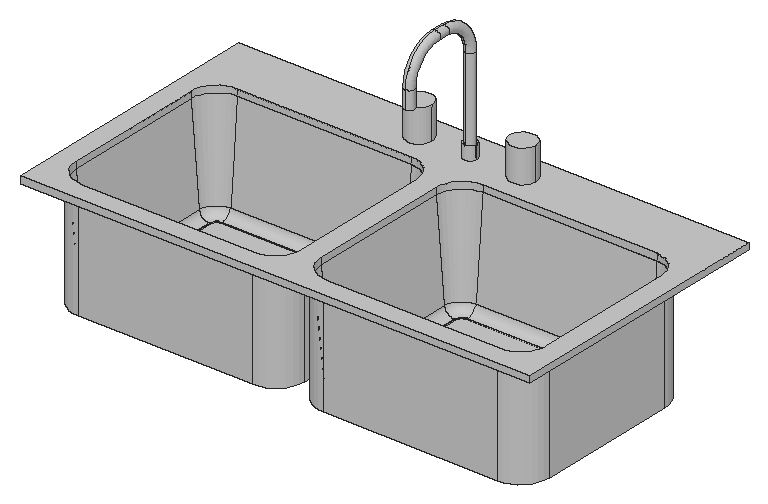
Revit family "PFX_A3-AU-Kitchen-Sink-Dbl", category Plumbing Fixtures, Revit 2016
Family settings
  Part Type = Normal
  Round Connector Dimension = Use Diameter
  Work Plane-Based = No
  Always vertical = Yes
  Cut with Voids When Loaded = No
  Shared = No
  Room Calculation Point = No
Parameters (values of type "Kitchen Sink 1000 x 535mm")
  Counter Height = 900.00 mm
  Depth = 535.00 mm
  Fixture = Metal - Steel, Polished
  Sink = Metal - Steel, Polished
  Width = 1000.00 mm
Reference planes
  plane 1 "Center (Front/Back)": y = -35.755
  plane 2: z = 0
  plane 3 "Center (Left/Right)": x = 15.689
  plane 4: y = 269.845
  plane 5: y = -265.155
  plane 6: x = -484.311
  plane 7: x = 515.689
  plane 8 "Top Of Counter": z = 900
  plane 9: z = 912.7
  plane 10: z = 684.1
  plane 11: y = 155.545
  plane 12: x = -446.211
  plane 13: y = -227.055
  plane 14: x = 477.589
  plane 15: x = -85.911
  plane 16: x = 117.289
  plane 17: y = 212.695
  plane 18: y = 212.695
  plane 19: y = 212.695
  plane 20: z = 1163.525
  plane 21: y = 63.47
  plane 22: z = 976.2
  plane 23: z = 938.1
  plane 24: x = -3.361
  plane 25: x = 34.739
  plane 26: x = -215.261
  plane 27: x = 246.639
Forms (mm)
  Extrusion 1, solid, material "Metal - Steel, Polished" <- "Sink"
    sketch origin (0, 0, 0) x (1, 0, 0) y (0, 1, 0)
      loop
        line (-484.311, 269.845) -> (-484.311, -265.155) -> (515.689, -265.155) -> (515.689, 269.845) -> (-484.311, 269.845)
      loop
        arc (-395.411, 155.545) -> (-431.332, 140.666) -> (-446.211, 104.745) r 50.8
        line (-446.211, 104.745) -> (-446.211, -176.255)
        arc (-446.211, -176.255) -> (-431.332, -212.176) -> (-395.411, -227.055) r 50.8
        line (-395.411, -227.055) -> (-54.161, -227.055)
        arc (-54.161, -227.055) -> (-18.24, -212.176) -> (-3.361, -176.255) r 50.8
        line (-3.361, -176.255) -> (-3.361, 104.745)
        arc (-3.361, 104.745) -> (-18.24, 140.666) -> (-54.161, 155.545) r 50.8
        line (-54.161, 155.545) -> (-395.411, 155.545)
      loop
        arc (426.789, -227.055) -> (462.71, -212.176) -> (477.589, -176.255) r 50.8
        line (477.589, -176.255) -> (477.589, 104.745)
        arc (477.589, 104.745) -> (462.71, 140.666) -> (426.789, 155.545) r 50.8
        line (426.789, 155.545) -> (85.539, 155.545)
        arc (85.539, 155.545) -> (49.618, 140.666) -> (34.739, 104.745) r 50.8
        line (34.739, 104.745) -> (34.739, -176.255)
        arc (34.739, -176.255) -> (49.618, -212.176) -> (85.539, -227.055) r 50.8
        line (85.539, -227.055) -> (426.789, -227.055)
    from 900 to 912.7
  Sweep 2, solid, material "Metal - Steel, Polished" <- "Sink"
    path origin (0, 0, 0) x (1, 0, 0) y (0, 1, 0)
      loop
        arc (-395.411, 155.545) -> (-431.332, 140.666) -> (-446.211, 104.745) r 50.8
        line (-446.211, 104.745) -> (-446.211, -176.255)
        arc (-446.211, -176.255) -> (-431.332, -212.176) -> (-395.411, -227.055) r 50.8
        line (-395.411, -227.055) -> (-54.161, -227.055)
        arc (-54.161, -227.055) -> (-18.24, -212.176) -> (-3.361, -176.255) r 50.8
        line (-3.361, -176.255) -> (-3.361, 104.745)
        arc (-3.361, 104.745) -> (-18.24, 140.666) -> (-54.161, 155.545) r 50.8
        line (-54.161, 155.545) -> (-395.411, 155.545)
    profile origin (-224.786, 0, 0) x (0, 1, 0) y (0, 0, 1)
      loop
        line (155.545, 900) -> (139.011, 711.015)
        arc (139.011, 711.015) -> (132.904, 698.63) -> (120.034, 693.625) r 19.05
        line (120.034, 693.625) -> (117.445, 693.625) -> (117.445, 684.1) -> (161.895, 684.1) -> (161.895, 900) -> (155.545, 900)
  Extrusion 3, solid, material "Metal - Steel, Polished" <- "Sink"
    sketch origin (0, 0, 0) x (1, 0, 0) y (0, 1, 0)
      loop
        arc (-395.411, 117.445) -> (-404.391, 113.726) -> (-408.111, 104.745) r 12.7
        line (-408.111, 104.745) -> (-408.111, -176.255)
        arc (-408.111, -176.255) -> (-404.391, -185.235) -> (-395.411, -188.955) r 12.7
        line (-395.411, -188.955) -> (-54.161, -188.955)
        arc (-54.161, -188.955) -> (-45.181, -185.235) -> (-41.461, -176.255) r 12.7
        line (-41.461, -176.255) -> (-41.461, 104.745)
        arc (-41.461, 104.745) -> (-45.181, 113.726) -> (-54.161, 117.445) r 12.7
        line (-54.161, 117.445) -> (-395.411, 117.445)
      loop
        circle (-215.261, -35.755) r 25.4
    from 684.1 to 693.625
  Extrusion 4, solid, material "Metal - Steel, Polished" <- "Fixture"
    sketch origin (0, 0, 0) x (1, 0, 0) y (0, 1, 0)
      loop
        circle (117.289, 214.813) r 25.4
      loop
        circle (-85.911, 214.813) r 25.4
    from 912.7 to 976.2
  Sweep 5, solid, material "Metal - Steel, Polished" <- "Fixture"
    path origin (15.689, 0, 0) x (0, 1, 0) y (0, 0, 1)
      loop
        line (212.695, 912.7) -> (212.695, 1100.025)
        arc (212.695, 1100.025) -> (194.097, 1144.926) -> (149.195, 1163.525) r 63.5
        line (149.195, 1163.525) -> (126.97, 1163.525)
        arc (126.97, 1163.525) -> (82.069, 1144.926) -> (63.47, 1100.025) r 63.5
        line (63.47, 1100.025) -> (63.47, 1065.1)
    profile origin (15.689, 0, 1006.363) x (0, -1, 0) y (1, 0, 0)
      loop
        circle (-212.695, 0) r 9.525
  Extrusion 6, solid, material "Metal - Steel, Polished" <- "Fixture"
    sketch origin (0, 0, 0) x (1, 0, 0) y (0, 1, 0)
      loop
        circle (15.689, 212.695) r 12.7
    from 912.7 to 938.1
  Sweep 7, solid, material "Metal - Steel, Polished" <- "Sink"
    path origin (31.378, 0, 0) x (-1, 0, 0) y (0, -1, 0)
      loop
        line (-395.411, -155.545) -> (-54.161, -155.545)
        arc (-54.161, -155.545) -> (-18.24, -140.666) -> (-3.361, -104.745) r 50.8
        line (-3.361, -104.745) -> (-3.361, 176.255)
        arc (-3.361, 176.255) -> (-18.24, 212.176) -> (-54.161, 227.055) r 50.8
        line (-54.161, 227.055) -> (-395.411, 227.055)
        arc (-395.411, 227.055) -> (-431.332, 212.176) -> (-446.211, 176.255) r 50.8
        line (-446.211, 176.255) -> (-446.211, -104.745)
        arc (-446.211, -104.745) -> (-431.332, -140.666) -> (-395.411, -155.545) r 50.8
    profile origin (256.164, 0, 0) x (0, -1, 0) y (0, 0, 1)
      loop
        line (-155.545, 900) -> (-161.895, 900) -> (-161.895, 684.1) -> (-117.445, 684.1) -> (-117.445, 693.625) -> (-120.034, 693.625)
        arc (-120.034, 693.625) -> (-132.904, 698.63) -> (-139.011, 711.015) r 19.05
        line (-139.011, 711.015) -> (-155.545, 900)
  Extrusion 8, solid, material "Metal - Steel, Polished" <- "Sink"
    sketch origin (0, 0, 0) x (1, 0, 0) y (0, 1, 0)
      loop
        arc (85.539, 120.034) -> (76.559, 116.314) -> (72.839, 107.334) r 12.7
        line (72.839, 107.334) -> (72.839, -176.255)
        arc (72.839, -176.255) -> (76.559, -185.235) -> (85.539, -188.955) r 12.7
        line (85.539, -188.955) -> (426.789, -188.955)
        arc (426.789, -188.955) -> (435.769, -185.235) -> (439.489, -176.255) r 12.7
        line (439.489, -176.255) -> (439.489, 107.334)
        arc (439.489, 107.334) -> (435.769, 116.314) -> (426.789, 120.034) r 12.7
        line (426.789, 120.034) -> (85.539, 120.034)
      loop
        circle (246.639, -35.755) r 25.4
    from 684.1 to 693.625
Lines and regions (mm)
  symbolic lines
    curve 1: line (515.689, 269.845, 0) -> (-484.311, 269.845, 0)
    curve 2: line (515.689, -265.155, 0) -> (515.689, 269.845, 0)
    curve 3: line (-484.311, -265.155, 0) -> (515.689, -265.155, 0)
    curve 4: line (-484.311, 269.845, 0) -> (-484.311, -265.155, 0)
    curve 5: line (-446.211, 104.745, 0) -> (-446.211, -176.255, 0)
    curve 6: line (-395.411, -227.055, 0) -> (-54.161, -227.055, 0)
    curve 7: line (477.589, -176.255, 0) -> (477.589, 104.745, 0)
    curve 8: line (426.789, 155.545, 0) -> (85.539, 155.545, 0)
    curve 9: arc (477.589, 104.745, 0) -> (462.71, 140.666, 0) -> (426.789, 155.545, 0) r 50.8
    curve 10: arc (426.789, -227.055, 0) -> (462.71, -212.176, 0) -> (477.589, -176.255, 0) r 50.8
    curve 11: arc (-446.211, -176.255, 0) -> (-431.332, -212.176, 0) -> (-395.411, -227.055, 0) r 50.8
    curve 12: arc (-395.411, 155.545, 0) -> (-431.332, 140.666, 0) -> (-446.211, 104.745, 0) r 50.8
    curve 13: arc (142.689, 214.813, 0) -> (117.289, 240.213, 0) -> (91.889, 214.813, 0) r 25.4
    curve 14: arc (91.889, 214.813, 0) -> (117.289, 189.413, 0) -> (142.689, 214.813, 0) r 25.4
    curve 15: arc (28.389, 212.695, 0) -> (15.689, 225.395, 0) -> (2.989, 212.695, 0) r 12.7
    curve 16: line (2.989, 212.695, 0) -> (2.989, 15.045, 0)
    curve 17: line (28.389, 212.695, 0) -> (28.389, 15.045, 0)
    curve 18: arc (28.389, 15.045, 0) -> (15.689, 2.345, 0) -> (2.989, 15.045, 0) r 12.7
    curve 19: line (-3.361, 104.745, 0) -> (-3.361, -176.255, 0)
    curve 20: line (34.739, 104.745, 0) -> (34.739, -176.255, 0)
    curve 21: line (85.539, -227.055, 0) -> (426.789, -227.055, 0)
    curve 22: line (-54.161, 155.545, 0) -> (-395.411, 155.545, 0)
    curve 23: arc (85.539, 155.545, 0) -> (49.618, 140.666, 0) -> (34.739, 104.745, 0) r 50.8
    curve 24: arc (34.739, -176.255, 0) -> (49.618, -212.176, 0) -> (85.539, -227.055, 0) r 50.8
    curve 25: arc (-3.361, -176.255, 0) -> (-18.24, -212.176, 0) -> (-54.161, -227.055, 0) r 50.8
    curve 26: arc (-3.361, 104.745, 0) -> (-18.24, 140.666, 0) -> (-54.161, 155.545, 0) r 50.8
    curve 27: arc (-240.661, -35.755, 0) -> (-215.261, -10.355, 0) -> (-189.861, -35.755, 0) r 25.4
    curve 28: arc (-189.861, -35.755, 0) -> (-215.261, -61.155, 0) -> (-240.661, -35.755, 0) r 25.4
    curve 29: arc (221.239, -35.755, 0) -> (246.639, -10.355, 0) -> (272.039, -35.755, 0) r 25.4
    curve 30: arc (272.039, -35.755, 0) -> (246.639, -61.155, 0) -> (221.239, -35.755, 0) r 25.4
    curve 31: arc (-111.311, 214.813, 0) -> (-85.911, 240.213, 0) -> (-60.511, 214.813, 0) r 25.4
    curve 32: arc (-60.511, 214.813, 0) -> (-85.911, 189.413, 0) -> (-111.311, 214.813, 0) r 25.4
Dimensions and locks
  equal spacing: plane 6, plane 3 "Center (Left/Right)", plane 7
  "Width": plane 6 to plane 7
  "Depth": plane 5 to plane 4
  "Counter Height": plane 8 "Top Of Counter" to plane 2
  locked: plane 9 to plane 8 "Top Of Counter" at 12.7
  locked: plane 8 "Top Of Counter" to plane 10 at 215.9
  locked: plane 6 to plane 12 at 38.1
  locked: plane 14 to plane 7 at 38.1
  locked: plane 11 to plane 4 at 114.3
  locked: plane 5 to plane 13 at 38.1
  equal spacing: plane 11, plane 17, plane 4
  equal spacing: plane 11, plane 18, plane 4
  equal spacing: plane 4, plane 19, plane 11
  locked: plane 19 to plane 21 at 149.225
  locked: plane 20 to plane 9 at 250.825
  locked: plane 22 to plane 9 at 63.5
  locked: plane 23 to plane 9 at 25.4
  plane 24 to plane 3 "Center (Left/Right)" to plane 25 = 19.05 mm locked, 19.05 mm locked
  equal spacing: plane 12, plane 26, plane 3 "Center (Left/Right)"
  equal spacing: plane 3 "Center (Left/Right)", plane 27, plane 14
  equal spacing: plane 13, plane 1 "Center (Front/Back)", plane 11
  aligned and locked: Extrusion 1 sketch curve to plane 5
  aligned and locked: plane 7 to Extrusion 1 sketch curve
  aligned and locked: plane 4 to Extrusion 1 sketch curve
  aligned and locked: Extrusion 1 sketch curve to plane 6
  aligned and locked: plane 8 "Top Of Counter" to Extrusion 1
  aligned and locked: Extrusion 1 to plane 9
  aligned and locked: plane 11 to Extrusion 1 sketch curve
  aligned and locked: plane 14 to Extrusion 1 sketch curve
  aligned and locked: Extrusion 1 sketch curve to plane 12
  aligned and locked: Extrusion 1 sketch curve to plane 13
  aligned and locked: plane 11 to Sweep 2 sketch curve
  aligned and locked: Sweep 2 sketch curve to plane 12
  aligned and locked: Sweep 2 sketch curve to plane 13
  aligned and locked: Sweep 2 to Extrusion 3 sketch curve  (x4)
  aligned and locked: Sweep 2 to Extrusion 3
  aligned and locked: plane 10 to Extrusion 3
  aligned and locked: Sweep 2 sketch curve to plane 10
  aligned and locked: plane 8 "Top Of Counter" to Sweep 2 sketch curve
  aligned and locked: Extrusion 4 to Extrusion 1
  aligned and locked: Extrusion 6 to Extrusion 1
  aligned and locked: Sweep 5 sketch curve to plane 19
  aligned and locked: plane 20 to Sweep 5 sketch curve
  aligned and locked: plane 21 to Sweep 5 sketch curve
  aligned and locked: Extrusion 4 to plane 22
  aligned and locked: Extrusion 6 to plane 23
  aligned and locked: Sweep 2 sketch curve to Extrusion 1
  aligned and locked: Sweep 7 sketch curve to plane 14
  aligned and locked: Sweep 7 sketch curve to Extrusion 1
  aligned and locked: Sweep 7 sketch curve to plane 11
  aligned and locked: plane 13 to Sweep 7 sketch curve
  aligned and locked: Extrusion 8 to Sweep 2
  aligned and locked: plane 10 to Extrusion 8
  aligned and locked: curve 27 to Extrusion 3
  aligned and locked: curve 29 to Extrusion 8
  aligned and locked: Extrusion 8 sketch curve to Sweep 7
  aligned and locked: Sweep 7 sketch curve to plane 8 "Top Of Counter"
  aligned and locked: plane 10 to Sweep 7 sketch curve
Automatic sketch dimensions
  Sweep 2 sketch curve to profile plane = 0.00 mm
  profile plane to Sweep 2 sketch curve = 16.534 mm
  Sweep 2 sketch curve to Sweep 2 sketch curve = 18.978 mm
  Sweep 2 sketch curve to Sweep 2 sketch curve = 2.588 mm
  Sweep 2 sketch curve to profile plane = 6.35 mm
  Sweep 2 sketch curve to Sweep 2 sketch curve = 9.525 mm
  Sweep 2 sketch curve to Sweep 2 sketch curve = 17.39 mm
  Extrusion 4 sketch curve to plane 16 = 0.00 mm
  Extrusion 4 sketch curve to plane 17 = 2.118 mm  (x2)
  plane 16 to Extrusion 4 sketch curve = 25.40 mm
  Sweep 5 sketch curve to plane 3 "Center (Left/Right)" = 0.00 mm
  Sweep 5 sketch curve to profile plane = 0.00 mm
  profile plane to Sweep 5 sketch curve = 9.525 mm
  Extrusion 6 sketch curve to plane 18 = 0.00 mm
  Extrusion 6 sketch curve to plane 3 "Center (Left/Right)" = 0.00 mm
  Extrusion 6 sketch curve to plane 3 "Center (Left/Right)" = 12.70 mm
  Sweep 5 sketch curve to plane 9 = 0.00 mm
  Sweep 5 sketch curve to Sweep 5 sketch curve = 63.50 mm
  plane 11 to Sweep 5 sketch curve = 6.35 mm
  Sweep 5 sketch curve to Sweep 5 sketch curve = 34.925 mm
  Extrusion 1 sketch curve to plane 13 = 0.00 mm
  Extrusion 1 sketch curve to plane 24 = 0.00 mm
  Extrusion 1 sketch curve to plane 25 = 0.00 mm
  Extrusion 1 sketch curve to plane 11 = 0.00 mm
  Extrusion 1 sketch curve to plane 12 = 50.80 mm  (x2)
  Extrusion 1 sketch curve to plane 3 "Center (Left/Right)" = 69.85 mm  (x2)
  plane 3 "Center (Left/Right)" to Extrusion 1 sketch curve = 69.85 mm  (x2)
  plane 14 to Extrusion 1 sketch curve = 50.80 mm
  Extrusion 1 sketch curve to Extrusion 1 sketch curve = 50.80 mm
  Sweep 2 sketch curve to plane 12 = 50.80 mm  (x2)
  Sweep 2 sketch curve to plane 3 "Center (Left/Right)" = 69.85 mm  (x2)
  plane 14 to Sweep 7 sketch curve = 50.80 mm  (x2)
  Sweep 7 sketch curve to Sweep 7 sketch curve = 50.80 mm
  plane 3 "Center (Left/Right)" to Sweep 7 sketch curve = 69.85 mm
  Extrusion 3 sketch curve to plane 1 "Center (Front/Back)" = 0.00 mm
  Extrusion 3 sketch curve to plane 26 = 0.00 mm
  Extrusion 3 sketch curve to Extrusion 3 sketch curve = 12.70 mm  (x4)
  plane 26 to Extrusion 3 sketch curve = 25.40 mm
  Extrusion 8 sketch curve to plane 1 "Center (Front/Back)" = 0.00 mm
  Extrusion 8 sketch curve to plane 27 = 0.00 mm
  plane 27 to Extrusion 8 sketch curve = 25.40 mm
  plane 3 "Center (Left/Right)" to Extrusion 8 sketch curve = 69.85 mm  (x2)
  Extrusion 8 sketch curve to Extrusion 8 sketch curve = 12.70 mm  (x2)
  plane 11 to Extrusion 8 sketch curve = 48.212 mm
  Extrusion 8 sketch curve to plane 13 = 50.80 mm
  plane 7 to Extrusion 8 sketch curve = 88.90 mm
  Sweep 7 sketch curve to profile plane = 0.00 mm
  profile plane to Sweep 7 sketch curve = 6.35 mm
  Sweep 7 sketch curve to profile plane = 16.534 mm
  Sweep 7 sketch curve to Sweep 7 sketch curve = 18.978 mm
  Sweep 7 sketch curve to Sweep 7 sketch curve = 2.588 mm
  Sweep 7 sketch curve to Sweep 7 sketch curve = 1.66 mm
  Sweep 7 sketch curve to Sweep 7 sketch curve = 26.915 mm
  curve 1 to plane 4 = 0.00 mm
  curve 1 to plane 6 = 0.00 mm
  curve 11 to plane 12 = 0.00 mm
  curve 11 to plane 13 = 0.00 mm
  curve 22 to plane 11 = 0.00 mm
  curve 18 to plane 3 "Center (Left/Right)" = 0.00 mm
  curve 21 to plane 13 = 0.00 mm
  curve 23 to plane 11 = 0.00 mm
  curve 10 to plane 14 = 0.00 mm
  curve 2 to plane 7 = 0.00 mm
  curve 4 to plane 5 = 0.00 mm
  curve 5 to curve 12 = 50.80 mm
  curve 11 to plane 12 = 50.80 mm
  curve 31 to curve 31 = 25.40 mm
  curve 31 to curve 26 = 6.35 mm
  curve 25 to plane 3 "Center (Left/Right)" = 69.85 mm
  curve 26 to plane 3 "Center (Left/Right)" = 19.05 mm
  curve 16 to curve 18 = 12.70 mm
  plane 3 "Center (Left/Right)" to curve 24 = 19.05 mm
  plane 11 to curve 23 = 50.80 mm
  plane 3 "Center (Left/Right)" to curve 21 = 69.85 mm
  curve 8 to curve 14 = 6.35 mm
  plane 14 to curve 21 = 50.80 mm
  plane 11 to curve 9 = 50.80 mm
  curve 18 to plane 1 "Center (Front/Back)" = 50.80 mm
  plane 4 to curve 16 = 57.15 mm
  plane 4 to curve 32 = 55.032 mm
  Extrusion 4 sketch curve to plane 15 = 0.00 mm
  Extrusion 4 sketch curve to Extrusion 4 sketch curve = 25.40 mm
  curve 32 to curve 16 = 114.30 mm
  curve 13 to curve 13 = 25.40 mm
  plane 4 to curve 14 = 55.032 mm
